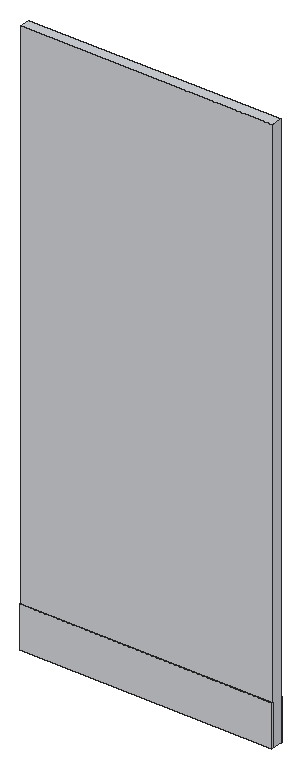
Revit family "BG_DORc_Leaf-Type2", category Doors, Revit 2020
Family settings
  Work Plane-Based = Yes
  Always vertical = No
  Cut with Voids When Loaded = No
  Shared = Yes
  Room Calculation Point = No
Parameters (values of type "Typical")
  Width [instance] = 920 mm
  Undercut [instance] = 0 mm
  Rough Width = 0 mm  # constant formula
  Rough Height = 0 mm  # constant formula
  Height [instance] = 2040 mm
  Default Elevation = 1219.2 mm
  BG_MATd_ProtectionInt1 [instance] = none
  BG_MATd_ProtectionExt1 [instance] = none
  BG_MATd_LeafInt1 [instance] = none
  BG_MATd_LeafExt1 [instance] = none
  BG_MATd_LeafCore1 [instance] = none
  BG_DIMd_ProtectionHeightInt1 [instance] = 150 mm
  BG_DIMd_ProtectionHeightExt1 [instance] = 150 mm
  BG_DIMd_LeafThickness1 [instance] = 40 mm
  BG_DIMd_HandleMountingHeight1 [instance] = 1000 mm
Reference planes
  plane 1 "Front": y = 0
  plane 2 "Center (Elevation)": z = 0
  plane 3 "Center (Left/Right)": x = 0
  plane 4: z = 2040
  plane 5: x = -920
  plane 6 "Back": y = -40
  plane 7: z = 1000
Forms (mm)
  Extrusion 1, solid, material <- "BG_MATd_LeafCore1"
    sketch origin (1.5, 0, 0) x (-0.707107, 0.707107, 0) y (-0.707107, -0.707107, 0)
      loop
        line (-27.224, 29.345) -> (1.061, 1.061) -> (651.599, 651.599) -> (623.315, 679.883) -> (-27.224, 29.345)
    from 0 <- "Undercut" to 2040 <- "Height"
Lines and regions (mm)
  symbolic lines, style "InvisibleLines", detail levels coarse
    curve 1: line (0, 0, 0) -> (0, 80, 0)
    curve 2: line (0, 80, 0) -> (24.749, 55.251, 0)
    curve 3: line (0, 80, 0) -> (-24.749, 55.251, 0)
  model lines, style "Elevation Swing"
    curve 4: line (0, 0, 2040) -> (-920, 0, 1000)
    curve 5: line (-920, 0, 1000) -> (0, 0, 0)
    curve 6: line (0, -40, 2040) -> (-920, -40, 1000)
    curve 7: line (-920, -40, 1000) -> (0, -40, 0)
Dimensions and locks
  "Height": plane 4 to level
  "Width": plane 5 to plane 3 "Center (Left/Right)"
  "BG_DIMd_LeafThickness1": plane 1 "Front" to plane 6 "Back"
  "BG_DIMd_HandleMountingHeight1": plane 7 to level
  aligned and locked: level to plane 2 "Center (Elevation)"
  aligned and locked: plane 3 "Center (Left/Right)" to Extrusion 1 sketch curve
  aligned and locked: Extrusion 1 sketch curve to plane 1 "Front"
  aligned and locked: plane 6 "Back" to Extrusion 1 sketch curve
  aligned and locked: plane 5 to Extrusion 1 sketch curve
  aligned and locked: nested 1 to plane 5
  aligned and locked: plane 5 to nested 2
Automatic sketch dimensions
  curve 2 to plane 3 "Center (Left/Right)" = 0 mm
  plane 1 "Front" to curve 1 = 0 mm
  curve 3 to plane 1 "Front" = 80 mm
  curve 3 to plane 3 "Center (Left/Right)" = 24.749 mm
  plane 3 "Center (Left/Right)" to curve 2 = 24.749 mm
  curve 2 to curve 1 = 24.749 mm
  curve 5 to plane 5 = 0 mm
  curve 5 to level = 0 mm
  curve 5 to plane 3 "Center (Left/Right)" = 0 mm
  curve 4 to plane 3 "Center (Left/Right)" = 0 mm
  curve 5 to plane 7 = 0 mm
  curve 4 to plane 4 = 0 mm
  curve 7 to level = 0 mm
  curve 7 to plane 3 "Center (Left/Right)" = 0 mm
  curve 6 to plane 3 "Center (Left/Right)" = 0 mm
  curve 6 to plane 5 = 0 mm
  curve 6 to plane 7 = 0 mm
  curve 6 to plane 4 = 0 mm
Nested families
  nested 1: "BG_DORc_Protection-Type1" at (0, 0, 0) x (-1, 0, 0) z (0, 1, 0), Undercut <- "Undercut", Width <- "Width", Height <- "BG_DIMd_ProtectionHeightExt1", Protection finish <- "BG_MATd_ProtectionExt1", type "Typical", detail levels fine
    with Width 920 mm, Undercut 0 mm, Protection on yes, Protection finish none, Height override 150 mm, Height 150 mm
  nested 2: "BG_DORc_Protection-Type1" at (-920, -40, 0) x (1, 0, 0) z (0, -1, 0), Undercut <- "Undercut", Width <- "Width", Height <- "BG_DIMd_ProtectionHeightInt1", Protection finish <- "BG_MATd_ProtectionInt1", type "Typical", detail levels fine
    with Width 920 mm, Undercut 0 mm, Protection on yes, Protection finish none, Height override 150 mm, Height 150 mm
Definition of nested family "BG_DORc_Protection-Type1"
  Parameters (values of type "Typical")
    Width [instance] = 920 mm
    Undercut [instance] = 25 mm
    Thickness = 2 mm
    Protection on [instance] = Height - Undercut > 2 mm  # yes
    Protection finish [instance] = none
    Height override [instance] = if(Height - Undercut > 2 mm, Height, 2 mm)  # 150 mm
    Height [instance] = 150 mm
    Default Elevation = 1219.2 mm
  Reference planes
    plane 1 "Center (Front/Back)": y = 0
    plane 2: z = 0
    plane 3 "Center (Left/Right)": x = 0
    plane 4: x = 920
    plane 5: y = 150
    plane 6: y = 25
  Forms (mm)
    Extrusion 1, solid
      sketch origin (0, 0, 0) x (1, 0, 0) y (0, 1, 0)
        loop
          line (-1219.2, 1219.2) -> (-1219.2, -1219.2) -> (1219.2, -1219.2) -> (1219.2, 1219.2) -> (-1219.2, 1219.2)
      from 0 to -304.8
    Extrusion 2, solid, material <- "Protection finish", visible <- "Protection on"
      sketch origin (0, 0, 0) x (1, 0, 0) y (0, 1, 0)
        loop
          line (0, 150) -> (0, 25) -> (920, 25) -> (920, 150) -> (0, 150)
      from 0 to 2 <- "Thickness"
  Dimensions and locks
    "Height override": plane 1 "Center (Front/Back)" to plane 5
    "Width": plane 3 "Center (Left/Right)" to plane 4
    "Undercut": plane 1 "Center (Front/Back)" to plane 6
    aligned and locked: plane 2 to Extrusion 1
    aligned and locked: level to Extrusion 1
    aligned and locked: Extrusion 2 sketch curve to plane 3 "Center (Left/Right)"
    aligned and locked: Extrusion 2 sketch curve to plane 5
    aligned and locked: Extrusion 2 sketch curve to plane 4
    aligned and locked: Extrusion 2 sketch curve to plane 6
  Automatic sketch dimensions
    Extrusion 1 sketch curve to Extrusion 1 sketch curve = 2438.4 mm  (x2)
